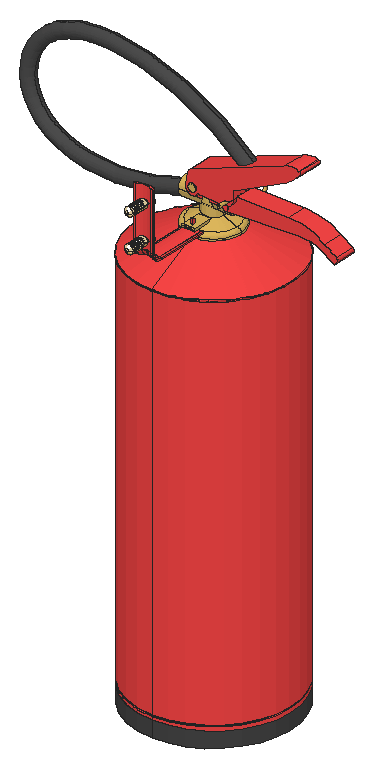
Revit family "Extintor Portátil - ABC", category Proteção contra incêndio, Revit 2026
Family settings
  Cota do conector redondo = Utilizar diâmetro
  Tipo de parte = Normal
  Com base no plano de trabalho = Não
  Ativar corte nas vistas = Sim
  Sempre na vertical = Sim
  Corte com vazios quando carregada = Não
  Manter orientação da anotação = Não
  Compartilhado = Sim
  Ponto de cálculo do ambiente = Não
Parameters (values of type "4A-80BC - 4,5 kg")
  Tipo de imagem = Extintor - ABC.png
  Tipo = "ABC"
  SÍMBOLO = yes
  Sinalização de Solo [instance] = no
  Pernambuco = no
  Na Planta Baixa [instance] = no
  Mato Grosso = no
  IMAGEM SIMBOLO PERNAMBUCO = 0
  IMAGEM SIMBOLO MATO GROSSO = 0
  IMAGEM SIMBOLO DISTRITO FEDERAL = 0
  IMAGEM SIMBOLO DEMAIS ESTADOS = 0
  Formato = "Portátil"
  Elevação padrão = 0.00 cm
  Distrito Federal = no
  Desloc. Frente [instance] = 22.00 cm
  Desloc. Esquerda [instance] = 0.00 cm
  Descrição = "Extintor Portátil - 2-A:20-B:C - 4,5 kg"
  DESCRIÇÃO DO MATERIAL = Descrição  # "Extintor Portátil - 2-A:20-B:C - 4,5 kg"
  Type Comments = ""
  Demais estados = yes
  Carga = "4,5 Kg"
  Capacidade Extintora = "4-A:80-B:C"
  Altura Instalada = 160.00 cm
Types (3, lengths in cm): name | Descrição | DESCRIÇÃO DO MATERIAL | Carga | Capacidade Extintora
  2A-20BC - 4 kg | "Extintor Portátil - 2-A:20-B:C - 4 kg" | "Extintor Portátil - 2-A:20-B:C - 4 kg" | "4 Kg" | "2-A:20-B:C"
  3A-40BC - 6 kg | "Extintor Portátil - 3-A:40-BC - 6 Kg" | "Extintor Portátil - 3-A:40-BC - 6 Kg" | "6 Kg" | "3-A:40-B:C"
  4A-80BC - 4,5 kg | "Extintor Portátil - 2-A:20-B:C - 4,5 kg" | "Extintor Portátil - 2-A:20-B:C - 4,5 kg" | "4,5 Kg" | "4-A:80-B:C"
Reference planes (cm)
  plane 1 "Centro (Frente/Trás)": y = 0
  plane 2: z = 0
  plane 3 "Centro (Esquerda/Direita)": x = 0
  plane 4: z = 160
  plane 5: z = 114.8285
  plane 6: z = 180.1
Forms (cm)
  Revolve 1, solid, material "LATÃO", not visible
    sketch origin (512.5, 9.4644, -108.8868) x (1, 0, 0) y (0, 0, -1)
      loop
        line (-515.352, -267.1402) -> (-515.352, -267.3086)
        arc (-515.352, -267.3086) -> (-515.2378, -267.604) -> (-514.9545, -267.7457) r 0.4391
        line (-514.9545, -267.7457) -> (-513.5976, -268.3784) -> (-513.5976, -270.9598) -> (-512.5, -270.9598) -> (-512.5, -267.1402) -> (-515.352, -267.1402)
      axis (-512.5, -270.9598) -> (-512.5, -267.1402)
    angle from 0 to 360
  Extrusion 2, solid, material "LATÃO", not visible
    sketch origin (0, -8.5356, -108.8868) x (0, 1, 0) y (0, 0, -1)
      loop
        circle (18, -269.8519) r 1
    from -2.2901 to 2.852
  Extrusion 3, solid, material "Pintura Vermelha", not visible
    sketch origin (512.5, 11.7385, -108.8868) x (1, 0, 0) y (0, 0, -1)
      loop
        line (-514.431, -270.7615) -> (-514.2399, -271.8201)
        arc (-514.2399, -271.8201) -> (-514.07, -272.1841) -> (-513.7426, -272.4168) r 0.7871
        line (-513.7426, -272.4168) -> (-504.0905, -276.0508)
        arc (-504.0905, -276.0508) -> (-503.3249, -276.2128) -> (-502.5558, -276.0688) r 2
        line (-502.5558, -276.0688) -> (-502.4623, -276.0312)
        arc (-502.4623, -276.0312) -> (-502.359, -275.9073) -> (-502.4054, -275.7529) r 0.1702
        line (-502.4054, -275.7529) -> (-502.8188, -275.3394)
        arc (-502.8188, -275.3394) -> (-503.3151, -274.918) -> (-503.8731, -274.5828) r 4
        line (-503.8731, -274.5828) -> (-509.346, -271.8744) -> (-509.346, -271.0161)
        arc (-509.346, -271.0161) -> (-509.5312, -270.5072) -> (-510.0002, -270.2364) r 0.7917
        line (-510.0002, -270.2364) -> (-510.5886, -270.1327) -> (-513.1244, -270.31)
        arc (-513.1244, -270.31) -> (-513.9703, -269.9786) -> (-514.431, -270.7615) r 0.7
      loop
        circle (-513.7416, -270.6402) r 0.3999
      loop
        circle (-510.1681, -270.511) r 0.174
    from -3.5171 to -1.0457
  Extrusion 4, solid, material "Pintura Vermelha", not visible
    sketch origin (512.5, 11.7385, -108.8868) x (1, 0, 0) y (0, 0, -1)
      loop
        line (-514.4685, -270.738) -> (-514.2111, -271.6263)
        arc (-514.2111, -271.6263) -> (-514.1084, -271.7833) -> (-513.931, -271.8441) r 0.289
        line (-513.931, -271.8441) -> (-509.9322, -271.8441)
        arc (-509.9322, -271.8441) -> (-509.5653, -271.7141) -> (-509.3622, -271.382) r 0.5825
        line (-509.3622, -271.382) -> (-509.3259, -271.2101) -> (-503.785, -271.2101)
        arc (-503.785, -271.2101) -> (-501.8304, -270.9093) -> (-500.0567, -270.0346) r 6.5
        line (-500.0567, -270.0346) -> (-498.8325, -269.1774)
        arc (-498.8325, -269.1774) -> (-498.7163, -268.9761) -> (-498.7958, -268.7576) r 0.275
        line (-498.7958, -268.7576) -> (-499.0612, -268.4922) -> (-500.8253, -269.5254)
        arc (-500.8253, -269.5254) -> (-501.7717, -269.8338) -> (-502.7644, -269.9058) r 4.1122
        line (-502.7644, -269.9058) -> (-510.4608, -269.5288) -> (-510.7626, -269.8306) -> (-513.8876, -269.8306)
        arc (-513.8876, -269.8306) -> (-514.3665, -270.1636) -> (-514.4685, -270.738) r 0.7603
      loop
        circle (-513.7416, -270.6402) r 0.3999
      loop
        circle (-510.1792, -270.5042) r 0.2205
    from -3.3101 to -1.2023
  Extrusion 5, solid, material "LATÃO", not visible, detail levels medium+fine
    sketch origin (512.5, 13.2385, -108.2618) x (1, 0, 0) y (0, 0, -1)
      loop
        circle (-512.5, -269.2509) r 1.5
    from -1.2576 to -0.9824
  Sweep 6, solid, material "MANGUEIRA EXTINTOR", not visible
    path origin (512.5, 9.4099, -108.8868) x (1, 0, 0) y (0, 0, -1)
      loop
        spline (-514.8263, -269.8635) -> (-519.9522, -268.4972) -> (-524.5272, -268.3983) -> (-528.2055, -269.3959) -> (-530.6532, -271.3101) -> (-531.7331, -273.8106) -> (-531.4716, -276.4419) -> (-529.9001, -278.7449) -> (-527.05, -280.2603) -> (-523.041, -280.6093) -> (-518.283, -279.6772) -> (-513.2454, -277.403) -> (-508.3975, -273.7263)
    profile origin (-18.9716, 9.4099, 167.5551) x (0.940178, 0, -0.340682) y (0, 1, 0)
      loop
        circle (0, 0) r 0.7064
  Extrusion 7, solid, material "LATÃO", not visible
    sketch origin (512.5, 11.7385, -1.7466) x (1, 0, 0) y (0, 0, -1)
      loop
        circle (-513.7416, -163.5) r 0.3999
    from -3.5547 to -1.0118
  Sweep 8, solid, material "LATÃO", not visible
    path origin (-10.6073, 13.9644, 176.5919) x (-0.653611, 0, 0.756831) y (0, 1, 0)
      loop
        line (-19.7675, -6.7287) -> (-19.7675, -3.2287)
        arc (-19.7675, -3.2287) -> (-19.8376, -3.0235) -> (-20.0186, -2.9042) r 0.3352
        arc (-20.0186, -2.9042) -> (-19.7105, -0.9379) -> (-19.6283, -2.9265) r 1
    profile origin (2.3129, 8.9857, 161.6312) x (0.653611, 0, -0.756831) y (-0.756831, 0, -0.653611)
      loop
        circle (0, 0) r 0.1386
  Extrusion 9, solid, material "LATÃO", not visible
    sketch origin (0, 3.4644, -0.5084) x (0, 1, 0) y (0, 0, 1)
      loop
        line (4.8999, 160) -> (2.7614, 160)
        arc (2.7614, 160) -> (2.6976, 159.9769) -> (2.6634, 159.9183) r 0.0996
        line (2.6634, 159.9183) -> (2.6634, 159.8172)
        arc (2.6634, 159.8172) -> (2.6946, 159.7514) -> (2.7624, 159.7247) r 0.0992
        line (2.7624, 159.7247) -> (4.3095, 159.7247) -> (4.8999, 160)
    from -0.6244 to 0.6912
  Extrusion 10, void, not visible
    sketch origin (0, 0.2973, -1.1737) x (1, 0, 0) y (0, 1, 0)
      loop
        circle (-0.0064, 6.4293) r 0.2336
    from 160.2 to 160.7791
  Revolve 11, solid, material "Pintura Vermelha"
    sketch origin (0, 0, 0) x (0, 1, 0) y (0, 0, 1)
      loop
        line (9.1671, 159.4271) -> (9.1671, 116.4981) -> (17.1671, 116.4981) -> (17.1671, 116.8285) -> (16.9679, 116.8285) -> (16.9679, 117.0285) -> (17.1671, 117.0285) -> (17.1671, 156.6535)
        arc (17.1671, 156.6535) -> (17.2243, 156.6689) -> (17.2659, 156.711) r 0.1136
        arc (17.2659, 156.711) -> (17.2691, 156.7524) -> (17.2392, 156.7812) r 0.0487
        line (17.2392, 156.7812) -> (12.0191, 159.4271) -> (9.1671, 159.4271)
      axis (9.1671, 159.4271) -> (9.1671, 116.4981)
    angle from 0 to 360
  Revolve 12, solid, material "Cor Preta"
    sketch origin (0, 0, 0) x (0, 1, 0) y (0, 0, 1)
      loop
        line (9.1671, 116.4981) -> (9.1671, 114.8285) -> (17.1671, 114.8285) -> (17.1671, 116.4981) -> (9.1671, 116.4981)
      axis (9.1671, 116.4981) -> (9.1671, 114.8285)
    angle from 0 to 360
  Revolve 13, solid, material "LATÃO"
    sketch origin (512.5, 9.1671, -107.7131) x (1, 0, 0) y (0, 0, -1)
      loop
        line (-515.352, -267.1402) -> (-515.352, -267.3086)
        arc (-515.352, -267.3086) -> (-515.2378, -267.604) -> (-514.9545, -267.7457) r 0.4391
        line (-514.9545, -267.7457) -> (-513.5976, -268.3784) -> (-513.5976, -270.9598) -> (-512.5, -270.9598) -> (-512.5, -267.1402) -> (-515.352, -267.1402)
      axis (-512.5, -270.9598) -> (-512.5, -267.1402)
    angle from 0 to 360
  Extrusion 14, solid, material "LATÃO"
    sketch origin (0, -8.8329, -107.7131) x (0, 1, 0) y (0, 0, -1)
      loop
        circle (18, -269.8519) r 1
    from -2.2901 to 2.852
  Extrusion 15, solid, material "Pintura Vermelha"
    sketch origin (512.5, 11.4412, -107.7131) x (1, 0, 0) y (0, 0, -1)
      loop
        line (-514.431, -270.7615) -> (-514.2399, -271.8201)
        arc (-514.2399, -271.8201) -> (-514.07, -272.1841) -> (-513.7426, -272.4168) r 0.7871
        line (-513.7426, -272.4168) -> (-504.0905, -276.0508)
        arc (-504.0905, -276.0508) -> (-503.3249, -276.2128) -> (-502.5558, -276.0688) r 2
        line (-502.5558, -276.0688) -> (-502.4623, -276.0312)
        arc (-502.4623, -276.0312) -> (-502.359, -275.9073) -> (-502.4054, -275.7529) r 0.1702
        line (-502.4054, -275.7529) -> (-502.8188, -275.3394)
        arc (-502.8188, -275.3394) -> (-503.3151, -274.918) -> (-503.8731, -274.5828) r 4
        line (-503.8731, -274.5828) -> (-509.346, -271.8744) -> (-509.346, -271.0161)
        arc (-509.346, -271.0161) -> (-509.5312, -270.5072) -> (-510.0002, -270.2364) r 0.7917
        line (-510.0002, -270.2364) -> (-510.5886, -270.1327) -> (-513.1244, -270.31)
        arc (-513.1244, -270.31) -> (-513.9703, -269.9786) -> (-514.431, -270.7615) r 0.7
      loop
        circle (-513.7416, -270.6402) r 0.3999
      loop
        circle (-510.1681, -270.511) r 0.174
    from -3.5171 to -1.0457
  Extrusion 16, solid, material "Pintura Vermelha"
    sketch origin (512.5, 11.4412, -107.7131) x (1, 0, 0) y (0, 0, -1)
      loop
        line (-514.4685, -270.738) -> (-514.2111, -271.6263)
        arc (-514.2111, -271.6263) -> (-514.1084, -271.7833) -> (-513.931, -271.8441) r 0.289
        line (-513.931, -271.8441) -> (-509.9322, -271.8441)
        arc (-509.9322, -271.8441) -> (-509.5653, -271.7141) -> (-509.3622, -271.382) r 0.5825
        line (-509.3622, -271.382) -> (-509.3259, -271.2101) -> (-503.785, -271.2101)
        arc (-503.785, -271.2101) -> (-501.8304, -270.9093) -> (-500.0567, -270.0346) r 6.5
        line (-500.0567, -270.0346) -> (-498.8325, -269.1774)
        arc (-498.8325, -269.1774) -> (-498.7163, -268.9761) -> (-498.7958, -268.7576) r 0.275
        line (-498.7958, -268.7576) -> (-499.0612, -268.4922) -> (-500.8253, -269.5254)
        arc (-500.8253, -269.5254) -> (-501.7717, -269.8338) -> (-502.7644, -269.9058) r 4.1122
        line (-502.7644, -269.9058) -> (-510.4608, -269.5288) -> (-510.7626, -269.8306) -> (-513.8876, -269.8306)
        arc (-513.8876, -269.8306) -> (-514.3665, -270.1636) -> (-514.4685, -270.738) r 0.7603
      loop
        circle (-513.7416, -270.6402) r 0.3999
      loop
        circle (-510.1792, -270.5042) r 0.2205
    from -3.3101 to -1.2023
  Extrusion 17, solid, material "LATÃO"
    sketch origin (512.5, 12.9412, -107.0881) x (1, 0, 0) y (0, 0, -1)
      loop
        circle (-512.5, -269.2509) r 1.5
    from -1.2576 to -0.9824
  Sweep 18, solid, material "MANGUEIRA EXTINTOR"
    path origin (512.5, 9.1126, -107.7131) x (1, 0, 0) y (0, 0, -1)
      loop
        spline (-514.8263, -269.8635) -> (-519.9522, -268.4972) -> (-524.5272, -268.3983) -> (-528.2055, -269.3959) -> (-530.6532, -271.3101) -> (-531.7331, -273.8106) -> (-531.4716, -276.4419) -> (-529.9001, -278.7449) -> (-527.05, -280.2603) -> (-523.041, -280.6093) -> (-518.283, -279.6772) -> (-513.2454, -277.403) -> (-508.3975, -273.7263)
    profile origin (-18.9716, 9.1126, 168.7288) x (0.940178, 0, -0.340682) y (0, 1, 0)
      loop
        circle (0, 0) r 0.7064
  Extrusion 19, solid, material "LATÃO"
    sketch origin (512.5, 11.4412, -0.5729) x (1, 0, 0) y (0, 0, -1)
      loop
        circle (-513.7416, -163.5) r 0.3999
    from -3.5547 to -1.0118
  Sweep 20, solid, material "LATÃO"
    path origin (-10.6073, 13.6671, 177.7656) x (-0.653611, 0, 0.756831) y (0, 1, 0)
      loop
        line (-19.7675, -6.7287) -> (-19.7675, -3.2287)
        arc (-19.7675, -3.2287) -> (-19.8376, -3.0235) -> (-20.0186, -2.9042) r 0.3352
        arc (-20.0186, -2.9042) -> (-19.7105, -0.9379) -> (-19.6283, -2.9265) r 1
    profile origin (2.3129, 8.6884, 162.8049) x (0.653611, 0, -0.756831) y (-0.756831, 0, -0.653611)
      loop
        circle (0, 0) r 0.1386
  Extrusion 21, solid, material "LATÃO"
    sketch origin (0, 3.1671, 0.6653) x (0, 1, 0) y (0, 0, 1)
      loop
        line (4.8999, 160) -> (2.7614, 160)
        arc (2.7614, 160) -> (2.6976, 159.9769) -> (2.6634, 159.9183) r 0.0996
        line (2.6634, 159.9183) -> (2.6634, 159.8172)
        arc (2.6634, 159.8172) -> (2.6946, 159.7514) -> (2.7624, 159.7247) r 0.0992
        line (2.7624, 159.7247) -> (4.3095, 159.7247) -> (4.8999, 160)
    from -0.6244 to 0.6912
  Extrusion 22, solid, material "Sinalização de Solo - Vermelho", visible <- "Sinalização de Solo", detail levels fine
    sketch origin (0, 0, 0) x (1, 0, 0) y (0, 1, 0)
      loop
        line (-35, 15) -> (35, 15) -> (35, 85) -> (-35, 85) -> (-35, 15)
    from 0 to 0.1
  Extrusion 23, solid, material "Sinalização de Solo - Amarela", visible <- "Sinalização de Solo", detail levels fine
    sketch origin (0, 0, 0) x (1, 0, 0) y (0, 1, 0)
      loop
        line (-50, 0) -> (50, 0) -> (50, 100) -> (-50, 100) -> (-50, 0)
      loop
        line (-35, 15) -> (35, 15) -> (35, 85) -> (-35, 85) -> (-35, 15)
    from 0 to 0.1
Dimensions and locks (cm)
  "Altura Instalada": plane 4 to level
  locked: plane 5 to plane 4 at 45.1715
  "Desloc. Frente": plane 1 "Centro (Frente/Trás)" to nested 4
  "Desloc. Frente": plane 1 "Centro (Frente/Trás)" to nested 5
  "Desloc. Esquerda": nested 4 to plane 3 "Centro (Esquerda/Direita)"
  "Desloc. Esquerda": nested 5 to plane 3 "Centro (Esquerda/Direita)"
  "Desloc. Frente": plane 1 "Centro (Frente/Trás)" to nested 6
  "Desloc. Esquerda": nested 6 to plane 3 "Centro (Esquerda/Direita)"
  "Desloc. Frente": plane 1 "Centro (Frente/Trás)" to nested 7
  "Desloc. Esquerda": nested 7 to plane 3 "Centro (Esquerda/Direita)"
  Extrusion 23 to plane 6 = 180.00 cm
  aligned and locked: level to plane 2
Automatic sketch dimensions
  Revolve 11 sketch curve to plane 4 = 0.5729 cm
  Revolve 11 sketch curve to plane 1 "Centro (Frente/Trás)" = 9.1671 cm
  Revolve 11 sketch curve to Revolve 11 sketch curve = 2.852 cm
  plane 5 to Revolve 11 sketch curve = 2.20 cm
  Revolve 11 sketch curve to Revolve 11 sketch curve = 7.8008 cm
  Revolve 11 sketch curve to Revolve 11 sketch curve = 0.1992 cm  (x2)
  Revolve 11 sketch curve to Revolve 11 sketch curve = 0.0564 cm
  Revolve 11 sketch curve to plane 4 = 3.2188 cm
  Revolve 11 sketch curve to Revolve 11 sketch curve = 0.0157 cm
  Revolve 11 sketch curve to Revolve 11 sketch curve = 0.20 cm
  plane 5 to Revolve 11 sketch curve = 1.6697 cm
  Revolve 11 sketch curve to Revolve 11 sketch curve = 0.1277 cm
  Revolve 11 sketch curve to Revolve 11 sketch curve = 0.0461 cm
  Revolve 11 sketch curve to Revolve 11 sketch curve = 0.032 cm
  Revolve 11 sketch curve to Revolve 11 sketch curve = 0.00 cm  (x2)
  Revolve 11 sketch curve to Revolve 11 sketch curve = 0.3303 cm
  Revolve 12 sketch curve to plane 5 = 0.00 cm  (x2)
  plane 5 to Revolve 12 sketch curve = 1.6697 cm
  Revolve 12 sketch curve to plane 1 "Centro (Frente/Trás)" = 9.1671 cm
  Revolve 12 sketch curve to Revolve 12 sketch curve = 8.00 cm
  Revolve 12 sketch curve to Revolve 12 sketch curve = 0.00 cm
  Revolve 12 sketch curve to Revolve 12 sketch curve = 0.3303 cm
  Revolve 13 sketch curve to plane 3 "Centro (Esquerda/Direita)" = 0.00 cm  (x2)
  Revolve 13 sketch curve to Revolve 13 sketch curve = 1.0976 cm
  Revolve 13 sketch curve to plane 4 = 0.4045 cm
  Revolve 13 sketch curve to Revolve 13 sketch curve = 1.3153 cm
  plane 4 to Revolve 13 sketch curve = 0.0326 cm
  Revolve 13 sketch curve to Revolve 13 sketch curve = 0.0416 cm
  plane 4 to Revolve 13 sketch curve = 0.6653 cm
  Revolve 13 sketch curve to Revolve 13 sketch curve = 2.5813 cm
  Revolve 13 sketch curve to plane 4 = 0.5729 cm
  Revolve 13 sketch curve to Revolve 13 sketch curve = 0.2882 cm
  Revolve 13 sketch curve to Revolve 13 sketch curve = 0.9686 cm
  plane 4 to Extrusion 14 sketch curve = 2.1388 cm
  Extrusion 14 sketch curve to plane 1 "Centro (Frente/Trás)" = 9.1671 cm
  Extrusion 15 sketch curve to Extrusion 15 sketch curve = 0.00 cm  (x2)
  Extrusion 15 sketch curve to plane 3 "Centro (Esquerda/Direita)" = 1.931 cm
  Extrusion 15 sketch curve to Extrusion 15 sketch curve = 0.1912 cm
  Extrusion 15 sketch curve to Extrusion 15 sketch curve = 0.4972 cm
  Extrusion 15 sketch curve to Extrusion 15 sketch curve = 0.6894 cm
  Extrusion 15 sketch curve to Extrusion 15 sketch curve = 0.7746 cm
  Extrusion 15 sketch curve to plane 3 "Centro (Esquerda/Direita)" = 0.6244 cm
  plane 3 "Centro (Esquerda/Direita)" to Extrusion 15 sketch curve = 1.9114 cm
  Extrusion 15 sketch curve to Extrusion 15 sketch curve = 0.4204 cm
  Extrusion 15 sketch curve to Extrusion 15 sketch curve = 0.0305 cm
  Extrusion 15 sketch curve to Extrusion 15 sketch curve = 0.1679 cm
  Extrusion 15 sketch curve to Extrusion 15 sketch curve = 0.7917 cm
  plane 3 "Centro (Esquerda/Direita)" to Extrusion 15 sketch curve = 6.8527 cm
  Extrusion 15 sketch curve to Extrusion 15 sketch curve = 1.5568 cm
  Extrusion 15 sketch curve to Extrusion 15 sketch curve = 0.2174 cm
  Extrusion 15 sketch curve to Extrusion 15 sketch curve = 0.5716 cm
  Extrusion 15 sketch curve to Extrusion 15 sketch curve = 0.4827 cm
  Extrusion 15 sketch curve to Extrusion 15 sketch curve = 0.2631 cm
  Extrusion 15 sketch curve to Extrusion 15 sketch curve = 0.0301 cm
  Extrusion 15 sketch curve to Extrusion 15 sketch curve = 0.0935 cm
  Extrusion 15 sketch curve to Extrusion 15 sketch curve = 0.1204 cm
  plane 4 to Extrusion 15 sketch curve = 10.4547 cm
  Extrusion 15 sketch curve to Extrusion 15 sketch curve = 2.0991 cm
  Extrusion 15 sketch curve to Extrusion 15 sketch curve = 0.018 cm
  Extrusion 15 sketch curve to Extrusion 15 sketch curve = 0.0376 cm
  Extrusion 15 sketch curve to Extrusion 15 sketch curve = 0.1579 cm
  Extrusion 15 sketch curve to Extrusion 15 sketch curve = 0.4135 cm
  plane 4 to Extrusion 15 sketch curve = 4.7037 cm
  plane 4 to Extrusion 15 sketch curve = 4.1613 cm
  Extrusion 15 sketch curve to Extrusion 15 sketch curve = 0.5967 cm
  Extrusion 15 sketch curve to Extrusion 15 sketch curve = 0.8584 cm
  Extrusion 15 sketch curve to Extrusion 15 sketch curve = 1.0586 cm
  Extrusion 15 sketch curve to Extrusion 15 sketch curve = 0.1213 cm
  Extrusion 15 sketch curve to Extrusion 15 sketch curve = 0.2746 cm
  Extrusion 15 sketch curve to Extrusion 15 sketch curve = 0.3783 cm
  Extrusion 16 sketch curve to plane 3 "Centro (Esquerda/Direita)" = 1.9685 cm
  Extrusion 16 sketch curve to Extrusion 16 sketch curve = 0.2574 cm
  Extrusion 16 sketch curve to Extrusion 16 sketch curve = 0.2801 cm
  Extrusion 16 sketch curve to Extrusion 16 sketch curve = 0.5809 cm
  Extrusion 16 sketch curve to Extrusion 16 sketch curve = 0.7269 cm
  Extrusion 16 sketch curve to Extrusion 16 sketch curve = 0.0154 cm
  plane 3 "Centro (Esquerda/Direita)" to Extrusion 16 sketch curve = 1.7374 cm
  Extrusion 16 sketch curve to Extrusion 16 sketch curve = 0.3018 cm  (x2)
  Extrusion 16 sketch curve to Extrusion 16 sketch curve = 0.5834 cm
  Extrusion 16 sketch curve to Extrusion 16 sketch curve = 0.2471 cm
  Extrusion 16 sketch curve to Extrusion 16 sketch curve = 0.57 cm
  Extrusion 16 sketch curve to Extrusion 16 sketch curve = 0.0363 cm
  Extrusion 16 sketch curve to plane 4 = 3.003 cm
  Extrusion 16 sketch curve to Extrusion 16 sketch curve = 6.6758 cm
  plane 4 to Extrusion 16 sketch curve = 2.1927 cm
  Extrusion 16 sketch curve to Extrusion 16 sketch curve = 1.0206 cm
  Extrusion 16 sketch curve to Extrusion 16 sketch curve = 1.2217 cm
  plane 4 to Extrusion 16 sketch curve = 1.8123 cm
  Extrusion 16 sketch curve to Extrusion 16 sketch curve = 1.9391 cm
  plane 4 to Extrusion 16 sketch curve = 2.3215 cm
  Extrusion 16 sketch curve to Extrusion 16 sketch curve = 0.7686 cm
  plane 4 to Extrusion 16 sketch curve = 0.7791 cm
  Extrusion 16 sketch curve to Extrusion 16 sketch curve = 0.9955 cm
  Extrusion 16 sketch curve to Extrusion 16 sketch curve = 0.0709 cm
  plane 4 to Extrusion 16 sketch curve = 1.4643 cm
  Extrusion 16 sketch curve to Extrusion 16 sketch curve = 0.1578 cm
  plane 4 to Extrusion 16 sketch curve = 1.0445 cm
  Extrusion 16 sketch curve to Extrusion 16 sketch curve = 0.1945 cm
  Extrusion 16 sketch curve to Extrusion 16 sketch curve = 0.0515 cm
  Extrusion 16 sketch curve to Extrusion 16 sketch curve = 0.1719 cm
  Extrusion 16 sketch curve to Extrusion 16 sketch curve = 0.289 cm
  Extrusion 16 sketch curve to Extrusion 16 sketch curve = 0.8883 cm
  Extrusion 16 sketch curve to Extrusion 16 sketch curve = 0.0978 cm
  Extrusion 16 sketch curve to Extrusion 16 sketch curve = 0.0666 cm
  Extrusion 16 sketch curve to Extrusion 16 sketch curve = 0.7574 cm
  Extrusion 17 sketch curve to plane 3 "Centro (Esquerda/Direita)" = 0.00 cm
  plane 4 to Extrusion 17 sketch curve = 2.1628 cm
  Sweep 18 sketch curve to plane 3 "Centro (Esquerda/Direita)" = 2.3263 cm
  plane 4 to Sweep 18 sketch curve = 6.0132 cm
  plane 3 "Centro (Esquerda/Direita)" to Sweep 18 sketch curve = 4.1025 cm
  plane 4 to Sweep 18 sketch curve = 2.1504 cm
  Sweep 18 sketch curve to profile plane = 0.00 cm  (x2)
  Extrusion 19 sketch curve to plane 3 "Centro (Esquerda/Direita)" = 1.2416 cm
  plane 4 to Extrusion 19 sketch curve = 2.9271 cm
  Sweep 20 sketch curve to plane 1 "Centro (Frente/Trás)" = 10.4384 cm
  Sweep 20 sketch curve to Sweep 20 sketch curve = 0.3352 cm  (x2)
  Sweep 20 sketch curve to Sweep 20 sketch curve = 1.2925 cm
  Sweep 20 sketch curve to Sweep 20 sketch curve = 0.00 cm
  Sweep 20 sketch curve to Sweep 20 sketch curve = 0.1392 cm
  Sweep 20 sketch curve to Sweep 20 sketch curve = 3.50 cm
  profile plane to Sweep 20 sketch curve = 0.00 cm  (x2)
  plane 4 to Extrusion 21 sketch curve = 0.5836 cm
  Extrusion 21 sketch curve to plane 1 "Centro (Frente/Trás)" = 5.8305 cm
  Extrusion 21 sketch curve to Extrusion 21 sketch curve = 0.098 cm
  Extrusion 21 sketch curve to Extrusion 21 sketch curve = 0.099 cm
  plane 4 to Extrusion 21 sketch curve = 0.39 cm
  Extrusion 21 sketch curve to Extrusion 21 sketch curve = 1.5471 cm
  plane 4 to Extrusion 21 sketch curve = 0.6653 cm
  Extrusion 21 sketch curve to Extrusion 21 sketch curve = 0.5904 cm
  Extrusion 21 sketch curve to Extrusion 21 sketch curve = 0.101 cm
  Extrusion 22 sketch curve to plane 3 "Centro (Esquerda/Direita)" = 35.00 cm
  plane 3 "Centro (Esquerda/Direita)" to Extrusion 22 sketch curve = 35.00 cm
  Extrusion 22 sketch curve to plane 1 "Centro (Frente/Trás)" = 15.00 cm
  Extrusion 22 sketch curve to Extrusion 22 sketch curve = 70.00 cm
  plane 1 "Centro (Frente/Trás)" to Extrusion 23 sketch curve = 0.00 cm
  Extrusion 23 sketch curve to plane 3 "Centro (Esquerda/Direita)" = 50.00 cm
  Extrusion 23 sketch curve to Extrusion 23 sketch curve = 15.00 cm  (x3)
  Extrusion 23 sketch curve to plane 1 "Centro (Frente/Trás)" = 15.00 cm
  plane 3 "Centro (Esquerda/Direita)" to Extrusion 23 sketch curve = 35.00 cm
  Extrusion 23 sketch curve to Extrusion 23 sketch curve = 70.00 cm
  radius of Extrusion 14 sketch curve = 1.00 cm
  radius of Extrusion 15 sketch curve = 0.3999 cm
  radius of Extrusion 15 sketch curve = 0.174 cm
  radius of Extrusion 16 sketch curve = 0.3999 cm
  radius of Extrusion 16 sketch curve = 0.2205 cm
  radius of Extrusion 17 sketch curve = 1.50 cm
  radius of Sweep 18 sketch curve = 0.7064 cm
  radius of Extrusion 19 sketch curve = 0.3999 cm
  radius of Sweep 20 sketch curve = 0.1386 cm
Nested families (cm)
  nested 1: "Suporte Universal de Extintor" at (0, 0, 160) x (0, -1, 0) z (0, 0, 1), type "Suporte Universal de Extintor"
  nested 2: "Parafuso Nº 08 com Bucha 08" at (-0.0069, 0.3919, 161.8745) x (1, 0.004, 0) z (-0.004, 1, 0), type "Parafuso Nº 08 - Bucha Nº 08"
  nested 3: "Parafuso Nº 08 com Bucha 08" at (-0.0002, 0.3922, 165.3708) x (1, 0.0002, 0) z (-0.0002, 1, 0), type "Parafuso Nº 08 - Bucha Nº 08"
  nested 4: "CARGA DE PÓ ABC" at (0, 22, 0) x (-1, 0, 0) z (0, 0, 1), visible <- "Demais estados", type "CARGA DE PÓ ABC 1-100", detail levels coarse+medium
    with Esc. Símbolo - 1/100~200 no, Desloc. Frente 0.00 cm
  nested 5: "EXTINTOR - CARGA DE PÓ ABC 1-100 - DF" at (0, 22, 0), visible <- "Distrito Federal", type "EXTINTOR - CARGA DE PÓ ABC 1-100 - DF", detail levels coarse+medium
    with Esc. Símbolo - 1/100~200 yes, Desloc. Frente 0.00 cm
  nested 6: "EXINTOR - CARGA DE PÓ ABC 1-100 - PE" at (0, 22, 0), visible <- "Pernambuco", type "EXINTOR - CARGA DE PÓ ABC 1-100 - PE", detail levels coarse+medium
    with Esc. Símbolo - 1/100~200 yes, Desloc. Frente 0.00 cm
  nested 7: "CARGA DE PÓ ABC" at (0, 22, 0) x (-1, 0, 0) z (0, 0, 1), visible <- "Mato Grosso", type "CARGA DE PÓ ABC 1-100", detail levels coarse+medium
    with Esc. Símbolo - 1/100~200 no, Desloc. Frente 0.00 cm
Definition of nested family "Suporte Universal de Extintor"
  Parameters (values of type "Suporte Universal de Extintor")
    Default Elevation = 121.92 cm
    Description = "Suporte Universal"
  Reference planes (cm)
    plane 1 "Centro (Frente/Trás)": y = 0
    plane 2: z = 0
    plane 3 "Centro (Esquerda/Direita)": x = 0
  Forms (cm)
    Sweep 1, solid, detail levels fine
      path origin (0, -0.0046, 0) x (-1, 0, 0) y (0, 0, -1)
        loop
          line (6.5, 0) -> (0.9978, 0)
          arc (0.9978, 0) -> (0.2923, -0.2923) -> (0, -0.9978) r 0.9978
          line (0, -0.9978) -> (0, -7)
      profile origin (-3.7489, -0.0046, 0) x (0, 0, 1) y (0, -1, 0)
        loop
          line (0, 0.9938) -> (0, 0.798)
          arc (0, 0.798) -> (0.2, -0.0031) -> (0, -0.8041) r 1.7043
          line (0, -0.8041) -> (0, -1) -> (0.0993, -1)
          arc (0.0993, -1) -> (0.1705, -0.9705) -> (0.2, -0.8993) r 0.1007
          line (0.2, -0.8993) -> (0.2, -0.7983)
          arc (0.2, -0.7983) -> (0.3905, -0.0047) -> (0.2, 0.789) r 1.7487
          line (0.2, 0.789) -> (0.2, 0.8899)
          arc (0.2, 0.8899) -> (0.1696, 0.9634) -> (0.0961, 0.9938) r 0.1039
          line (0.0961, 0.9938) -> (0, 0.9938)
    Extrusion 2, void
      sketch origin (0, -0.0015, 0.0031) x (0, 1, 0) y (0, 0, -1)
        loop
          circle (0, -5.3731) r 0.3
        loop
          circle (0, -1.8731) r 0.3
      from 0.0451 to 0.4141
    Extrusion 3, void
      sketch origin (0, -0.0015, 0.0031) x (-1, 0, 0) y (0, -1, 0)
        loop
          circle (1.8404, 0) r 0.3
        loop
          circle (4.8404, 0) r 0.3
      from 0.0525 to 0.4326
    Sweep 4, solid, detail levels fine
      path origin (0, -0.0015, 0.0031) x (-1, 0, 0) y (0, -1, 0)
        loop
          line (0, -0.2529) -> (0, 0.2471)
      profile origin (0, 0.0015, 0.0031) x (1, 0, 0) y (0, 0, 1)
        loop
          arc (-0.9978, 0.109) -> (-0.4067, 0.3993) -> (-0.1252, 0.9947) r 0.9978
          line (-0.1252, 0.9947) -> (-0.4658, 0.9947)
          arc (-0.4658, 0.9947) -> (-0.842, 0.8389) -> (-0.9978, 0.4627) r 0.532
          line (-0.9978, 0.4627) -> (-0.9978, 0.109)
    Sweep 5, solid, detail levels fine
      path in 3D
        loop
          arc (-6.5, -0.0989, 0.3877) -> (-6.5, -0.0003, 0.3905) -> (-6.5, 0.0984, 0.3877) r 1.7487
      profile origin (-6.5, -0.0003, 0.3905) x (-1, 0, 0) y (0, -0.000219, 1)
        loop
          line (0, 0) -> (0, 0.6637)
          arc (0, 0.6637) -> (-0.0242, 0.7221) -> (-0.0827, 0.7463) r 0.0827
          line (-0.0827, 0.7463) -> (-0.1624, 0.7463) -> (-0.1624, 0) -> (0, 0)
  Cuts and joins
    Extrusion 2 cuts Sweep 1
  Lines and regions (cm)
    sketch lines
      curve 1: arc (-6.5, -0.0989, 0.3877) -> (-6.5, -0.0003, 0.3905) -> (-6.5, 0.0984, 0.3877) r 1.7487
  Dimensions and locks (cm)
    aligned and locked: level to plane 2
  Nested families (cm)
    nested 1: "Parafuso Nº 08 com Bucha 08" at (-0.3919, -0.0069, 1.8745) x (-0.004, 1, 0) z (-1, -0.004, 0), type "Parafuso Nº 08 - Bucha Nº 08", detail levels fine
    nested 2: "Parafuso Nº 08 com Bucha 08" at (-0.3922, -0.0002, 5.3708) x (-0.0002, 1, 0) z (-1, -0.0002, 0), type "Parafuso Nº 08 - Bucha Nº 08", detail levels fine
  Definition of nested family "Parafuso Nº 08 com Bucha 08"
    Parameters (values of type "Parafuso Nº 08 - Bucha Nº 08")
      Rede Social: = "@GAlves"
      Família Criada por: = "Geraldo G. Alves"
      Email p/ contato: = "geraldoalvesbim@gmail.com"
      Default Elevation = 0.00 cm
    Reference planes (cm)
      plane 1 "Centro (Frente/Trás)": y = 0
      plane 2: z = 0
      plane 3 "Centro (Esquerda/Direita)": x = 0
    Forms (cm)
      Revolve 1, solid, detail levels fine
        sketch origin (0, 0, 0) x (1, 0, 0) y (0, 0, 1)
          loop
            line (0, 0.3324) -> (0, -2.1985) -> (0.2983, -1.9001) -> (0.2983, -0.0012) -> (0.6054, -0.0012) -> (0.6054, 0.3324) -> (0, 0.3324)
          axis (0, 0.3324) -> (0, -2.1985)
        angle from 0 to 360
      Extrusion 2, void
        sketch origin (0, 0, 0) x (1, 0, 0) y (0, 1, 0)
          loop
            line (-0.6795, -0.0613) -> (0.7114, -0.0613)
            arc (0.7114, -0.0613) -> (0.7205, -0.0003) -> (0.72, 0.0613) r 0.4
            line (0.72, 0.0613) -> (-0.6819, 0.0613)
            arc (-0.6819, 0.0613) -> (-0.6854, -0.0001) -> (-0.6795, -0.0613) r 0.4
        from 0.0805 to 0.4173
      Revolve 3, solid, not visible
        sketch origin (0, 0, 0) x (1, 0, 0) y (0, 0, 1)
          loop
            line (0, 0.3324) -> (0, -1.2474) -> (0.202, -1.2474) -> (0.202, -0.0012) -> (0.4, -0.0012) -> (0.4, 0.3324) -> (0, 0.3324)
          axis (0, 0.3324) -> (0, -1.2474)
        angle from 0 to 360
      Extrusion 4, void, not visible
        sketch origin (0, 0, 0) x (1, 0, 0) y (0, 1, 0)
          loop
            line (-0.3953, -0.0613) -> (0.3953, -0.0613)
            arc (0.3953, -0.0613) -> (0.4, 0) -> (0.3953, 0.0613) r 0.4
            line (0.3953, 0.0613) -> (-0.3953, 0.0613)
            arc (-0.3953, 0.0613) -> (-0.4, 0) -> (-0.3953, -0.0613) r 0.4
        from 0.0805 to 0.4173
      Revolve 5, solid, detail levels fine
        sketch origin (0, 0, 0) x (1, 0, 0) y (0, 0, 1)
          loop
            line (0.2983, -0.4335) -> (0.2983, -2.2322) -> (0, -2.5012) -> (0.1701, -2.5012) -> (0.4477, -2.2509) -> (0.4477, -2.154) -> (0.3622, -2.154) -> (0.3622, -2.0652)
            arc (0.3622, -2.0652) -> (0.395, -1.9998) -> (0.4477, -1.949) r 0.2161
            line (0.4477, -1.949) -> (0.4477, -1.8673) -> (0.3622, -1.8673) -> (0.3622, -1.7785)
            arc (0.3622, -1.7785) -> (0.395, -1.7131) -> (0.4477, -1.6623) r 0.2161
            line (0.4477, -1.6623) -> (0.4477, -1.5807) -> (0.3622, -1.5807) -> (0.3622, -1.4918)
            arc (0.3622, -1.4918) -> (0.395, -1.4264) -> (0.4477, -1.3757) r 0.2161
            line (0.4477, -1.3757) -> (0.4477, -1.294) -> (0.3622, -1.294) -> (0.3622, -1.2051)
            arc (0.3622, -1.2051) -> (0.395, -1.1397) -> (0.4477, -1.089) r 0.2161
            line (0.4477, -1.089) -> (0.4477, -1.0073) -> (0.3622, -1.0073) -> (0.3622, -0.9184)
            arc (0.3622, -0.9184) -> (0.395, -0.853) -> (0.4477, -0.8023) r 0.2161
            line (0.4477, -0.8023) -> (0.4477, -0.4335) -> (0.2983, -0.4335)
          axis (0, -0.4335) -> (0, -2.5012)
        angle from 0 to 360
    Cuts and joins
      Extrusion 2 cuts Revolve 1
    Dimensions and locks (cm)
      Revolve 1 sketch curve to Revolve 1 sketch curve = 0.6054 cm
      aligned and locked: level to plane 2
Definition of nested family "Parafuso Nº 08 com Bucha 08"
  Parameters (values of type "Parafuso Nº 08 - Bucha Nº 08")
    Rede Social: = "@GAlves"
    Família Criada por: = "Geraldo G. Alves"
    Email p/ contato: = "geraldoalvesbim@gmail.com"
    Default Elevation = 0.00 cm
  Reference planes (cm)
    plane 1 "Centro (Frente/Trás)": y = 0
    plane 2: z = 0
    plane 3 "Centro (Esquerda/Direita)": x = 0
  Forms (cm)
    Revolve 1, solid, detail levels fine
      sketch origin (0, 0, 0) x (1, 0, 0) y (0, 0, 1)
        loop
          line (0, 0.3324) -> (0, -2.1985) -> (0.2983, -1.9001) -> (0.2983, -0.0012) -> (0.6054, -0.0012) -> (0.6054, 0.3324) -> (0, 0.3324)
        axis (0, 0.3324) -> (0, -2.1985)
      angle from 0 to 360
    Extrusion 2, void
      sketch origin (0, 0, 0) x (1, 0, 0) y (0, 1, 0)
        loop
          line (-0.6795, -0.0613) -> (0.7114, -0.0613)
          arc (0.7114, -0.0613) -> (0.7205, -0.0003) -> (0.72, 0.0613) r 0.4
          line (0.72, 0.0613) -> (-0.6819, 0.0613)
          arc (-0.6819, 0.0613) -> (-0.6854, -0.0001) -> (-0.6795, -0.0613) r 0.4
      from 0.0805 to 0.4173
    Revolve 3, solid, not visible
      sketch origin (0, 0, 0) x (1, 0, 0) y (0, 0, 1)
        loop
          line (0, 0.3324) -> (0, -1.2474) -> (0.202, -1.2474) -> (0.202, -0.0012) -> (0.4, -0.0012) -> (0.4, 0.3324) -> (0, 0.3324)
        axis (0, 0.3324) -> (0, -1.2474)
      angle from 0 to 360
    Extrusion 4, void, not visible
      sketch origin (0, 0, 0) x (1, 0, 0) y (0, 1, 0)
        loop
          line (-0.3953, -0.0613) -> (0.3953, -0.0613)
          arc (0.3953, -0.0613) -> (0.4, 0) -> (0.3953, 0.0613) r 0.4
          line (0.3953, 0.0613) -> (-0.3953, 0.0613)
          arc (-0.3953, 0.0613) -> (-0.4, 0) -> (-0.3953, -0.0613) r 0.4
      from 0.0805 to 0.4173
    Revolve 5, solid, detail levels fine
      sketch origin (0, 0, 0) x (1, 0, 0) y (0, 0, 1)
        loop
          line (0.2983, -0.4335) -> (0.2983, -2.2322) -> (0, -2.5012) -> (0.1701, -2.5012) -> (0.4477, -2.2509) -> (0.4477, -2.154) -> (0.3622, -2.154) -> (0.3622, -2.0652)
          arc (0.3622, -2.0652) -> (0.395, -1.9998) -> (0.4477, -1.949) r 0.2161
          line (0.4477, -1.949) -> (0.4477, -1.8673) -> (0.3622, -1.8673) -> (0.3622, -1.7785)
          arc (0.3622, -1.7785) -> (0.395, -1.7131) -> (0.4477, -1.6623) r 0.2161
          line (0.4477, -1.6623) -> (0.4477, -1.5807) -> (0.3622, -1.5807) -> (0.3622, -1.4918)
          arc (0.3622, -1.4918) -> (0.395, -1.4264) -> (0.4477, -1.3757) r 0.2161
          line (0.4477, -1.3757) -> (0.4477, -1.294) -> (0.3622, -1.294) -> (0.3622, -1.2051)
          arc (0.3622, -1.2051) -> (0.395, -1.1397) -> (0.4477, -1.089) r 0.2161
          line (0.4477, -1.089) -> (0.4477, -1.0073) -> (0.3622, -1.0073) -> (0.3622, -0.9184)
          arc (0.3622, -0.9184) -> (0.395, -0.853) -> (0.4477, -0.8023) r 0.2161
          line (0.4477, -0.8023) -> (0.4477, -0.4335) -> (0.2983, -0.4335)
        axis (0, -0.4335) -> (0, -2.5012)
      angle from 0 to 360
  Cuts and joins
    Extrusion 2 cuts Revolve 1
  Dimensions and locks (cm)
    Revolve 1 sketch curve to Revolve 1 sketch curve = 0.6054 cm
    aligned and locked: level to plane 2
Definition of nested family "CARGA DE PÓ ABC"
  Parameters (values of type "CARGA DE PÓ ABC 1-100")
    Esc. Símbolo - 1/100~200 [instance] = yes
    Desloc. Frente [instance] = 0.00 cm
  Reference planes (cm)
    plane 1: y = 0
    plane 2: x = 0
  Lines and regions (cm)
    Filled region 1, type "Extintores de incêndio"
      outline origin (0.1105, -0.0637, 0) x (1, 0, 0) y (0, 1, 0)
        loop
          line (-0.2005, 0.3267) -> (-0.2005, 0.1467) -> (-0.0205, 0.1467) -> (-0.0205, 0.3267) -> (-0.2005, 0.3267)
    Masking region 1
      outline origin (0, 0, 0) x (1, 0, 0) y (0, 1, 0)
        loop
          line (-0.3, 0) -> (0.3, 0) -> (0, 0.5196) -> (-0.3, 0)
        loop
          line (-0.09, 0.263) -> (-0.09, 0.083) -> (0.09, 0.083) -> (0.09, 0.263) -> (-0.09, 0.263)
    Filled region 2, type "Extintores de incêndio", not visible
      outline origin (0.1105, -0.0637, 0) x (1, 0, 0) y (0, 1, 0)
        loop
          line (-0.2005, 0.3267) -> (-0.2005, 0.1467) -> (-0.0205, 0.1467) -> (-0.0205, 0.3267) -> (-0.2005, 0.3267)
    Masking region 2, not visible
      outline origin (0, 0, 0) x (1, 0, 0) y (0, 1, 0)
        loop
          line (-0.3, 0) -> (0.3, 0) -> (0, 0.5196) -> (-0.3, 0)
        loop
          line (-0.09, 0.263) -> (-0.09, 0.083) -> (0.09, 0.083) -> (0.09, 0.263) -> (-0.09, 0.263)
    detail lines
      curve 1: line (0.3, 0, 0) -> (-0.3, 0, 0)
      curve 2: line (-0.3, 0, 0) -> (0, 0.5196, 0)
      curve 3: line (0.3, 0, 0) -> (0, 0.5196, 0)
      curve 4: line (-0.09, 0.263, 0) -> (0.09, 0.263, 0)
      curve 5: line (-0.09, 0.083, 0) -> (-0.09, 0.263, 0)
      curve 6: line (0.09, 0.083, 0) -> (-0.09, 0.083, 0)
      curve 7: line (0.09, 0.263, 0) -> (0.09, 0.083, 0)
    detail lines, not visible
      curve 8: line (0.3, 0, 0) -> (-0.3, 0, 0)
      curve 9: line (-0.3, 0, 0) -> (0, 0.5196, 0)
      curve 10: line (0.3, 0, 0) -> (0, 0.5196, 0)
      curve 11: line (-0.09, 0.263, 0) -> (0.09, 0.263, 0)
      curve 12: line (-0.09, 0.083, 0) -> (-0.09, 0.263, 0)
      curve 13: line (0.09, 0.083, 0) -> (-0.09, 0.083, 0)
      curve 14: line (0.09, 0.263, 0) -> (0.09, 0.083, 0)
  Dimensions and locks (cm)
    "Desloc. Frente": plane 2 to curve 3
    "Desloc. Frente": plane 1 to curve 1
  Automatic sketch dimensions
    Masking region 1 sketch curve to Masking region 1 sketch curve = 0.21 cm  (x2)
    Masking region 1 sketch curve to Masking region 1 sketch curve = 0.18 cm  (x2)
    Masking region 1 sketch curve to Masking region 1 sketch curve = 0.083 cm
    Masking region 1 sketch curve to Masking region 1 sketch curve = 0.09 cm
    Masking region 1 sketch curve to Masking region 1 sketch curve = 0.2566 cm
    curve 1 to curve 4 = 0.21 cm
    curve 4 to curve 2 = 0.09 cm
    curve 4 to curve 7 = 0.18 cm
    curve 6 to curve 1 = 0.21 cm
    curve 1 to curve 6 = 0.083 cm
    curve 5 to curve 5 = 0.18 cm
    curve 4 to curve 2 = 0.2566 cm
    Masking region 2 sketch curve to Masking region 2 sketch curve = 0.21 cm  (x2)
    Masking region 2 sketch curve to Masking region 2 sketch curve = 0.18 cm  (x2)
    Masking region 2 sketch curve to Masking region 2 sketch curve = 0.083 cm
    Masking region 2 sketch curve to Masking region 2 sketch curve = 0.09 cm
    Masking region 2 sketch curve to Masking region 2 sketch curve = 0.2566 cm
    curve 8 to curve 11 = 0.21 cm
    curve 11 to curve 9 = 0.09 cm
    curve 11 to curve 14 = 0.18 cm
    curve 13 to curve 8 = 0.21 cm
    curve 8 to curve 13 = 0.083 cm
    curve 12 to curve 12 = 0.18 cm
    curve 11 to curve 9 = 0.2566 cm
    Filled region 1 sketch curve to Filled region 1 sketch curve = 0.18 cm  (x2)
    Filled region 2 sketch curve to Filled region 2 sketch curve = 0.18 cm  (x2)
Definition of nested family "EXTINTOR - CARGA DE PÓ ABC 1-100 - DF"
  Parameters (values of type "EXTINTOR - CARGA DE PÓ ABC 1-100 - DF")
    Esc. Símbolo - 1/100~200 [instance] = yes
    Desloc. Frente [instance] = 0.00 cm
  Reference planes (cm)
    plane 1: y = 0
    plane 2: x = 0
  Lines and regions (cm)
    Filled region 1, type "Extintores de incêndio", not visible
      outline origin (0, 0, 0) x (1, 0, 0) y (0, 1, 0)
        loop
          line (0, 0.6) -> (0, 0)
          arc (0, 0) -> (0.3, 0.3) -> (0, 0.6) r 0.3
    Filled region 2, type "Extintores de incêndio"
      outline origin (0, 0, 0) x (0, 1, 0) y (-1, 0, 0)
        loop
          arc (0.6, 0) -> (0.3, 0.3) -> (0, 0) r 0.3
          line (0, 0) -> (0.6, 0)
    detail lines
      curve 1: circle (0, 0.3, 0) r 0.3 normal (0, 0, 1)
      curve 2: line (0, 0.6, 0) -> (0, 0, 0)
      curve 6: line (0, 0.3, 0) -> (0.3, 0.3, 0)
    detail lines, not visible
      curve 3: circle (0, 0.3, 0) r 0.3 normal (0, 0, 1)
      curve 4: line (0, 0.6, 0) -> (0, 0, 0)
      curve 5: line (0, 0.3, 0) -> (-0.3, 0.3, 0)
Definition of nested family "EXINTOR - CARGA DE PÓ ABC 1-100 - PE"
  Parameters (values of type "EXINTOR - CARGA DE PÓ ABC 1-100 - PE")
    Esc. Símbolo - 1/100~200 [instance] = yes
    Desloc. Frente [instance] = 0.00 cm
  Reference planes (cm)
    plane 1: y = 0
    plane 2: x = 0
  Lines and regions (cm)
    detail lines
      curve 1: circle (0, 0.3, 0) r 0.3 normal (0, 0, 1)
      curve 2: circle (0, 0.3, 0) r 0.2 normal (0, 0, 1)
      curve 3: line (0, 0.5, 0) -> (0, 0.1, 0)
      curve 4: line (-0.2, 0.3, 0) -> (0.2, 0.3, 0)
    detail lines, not visible
      curve 5: circle (0, 0.3, 0) r 0.3 normal (0, 0, 1)
      curve 6: circle (0, 0.3, 0) r 0.1981 normal (0, 0, 1)
      curve 7: line (0, 0.4981, 0) -> (0, 0.1019, 0)
      curve 8: line (-0.1981, 0.3, 0) -> (0.1981, 0.3, 0)
